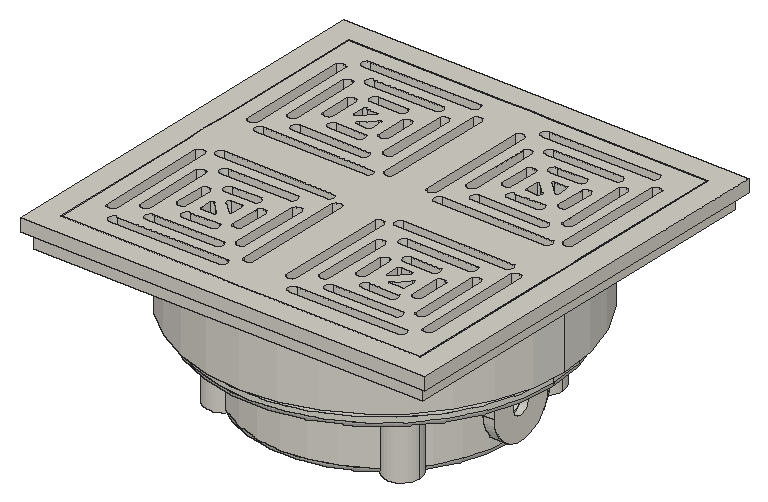
Revit family "Drain_Floor_Top_Square_10-Inch_Zurn-FD2283", category Plumbing Fixtures, Revit 2022 (continued)
Definition of nested family "Grate"
  Automatic sketch dimensions
    Extrusion 5 sketch curve to plane 98 = 0.000"
    plane 108 to Extrusion 5 sketch curve = 0.125"
    Extrusion 5 sketch curve to plane 101 = 0.02954"  (x2)
    Extrusion 5 sketch curve to Extrusion 5 sketch curve = 0.125"  (x11)
    Extrusion 5 sketch curve to plane 92 = 0.104"
    Extrusion 5 sketch curve to plane 97 = 0.03655"  (x3)
    plane 109 to Extrusion 5 sketch curve = 0.125"  (x2)
    Extrusion 5 sketch curve to plane 99 = 0.104"
    Extrusion 5 sketch curve to plane 101 = 0.00001"
    Extrusion 5 sketch curve to plane 110 = 0.05232"  (x4)
    Extrusion 5 sketch curve to plane 102 = 0.00001"
    Extrusion 5 sketch curve to plane 110 = 0.01577"  (x2)
    plane 110 to Extrusion 5 sketch curve = 0.125"  (x2)
    Extrusion 5 sketch curve to plane 106 = 0.104"
    Extrusion 5 sketch curve to plane 104 = 0.00001"
    Extrusion 5 sketch curve to plane 114 = 0.05232"  (x4)
    Extrusion 5 sketch curve to plane 105 = 0.00001"
    Extrusion 5 sketch curve to plane 114 = 0.01577"  (x2)
    plane 114 to Extrusion 5 sketch curve = 0.05538"
    Extrusion 5 sketch curve to plane 111 = 0.01591"
    plane 114 to Extrusion 5 sketch curve = 0.05817"
    Extrusion 5 sketch curve to plane 103 = 0.05856"
    Extrusion 5 sketch curve to plane 103 = 0.03182"
    Extrusion 5 sketch curve to plane 103 = 0.01591"
    plane 103 to Extrusion 5 sketch curve = 0.01591"
    plane 103 to Extrusion 5 sketch curve = 0.05856"  (x2)
    plane 111 to Extrusion 5 sketch curve = 0.05856"  (x2)
    Extrusion 5 sketch curve to plane 107 = 0.22752"
    Extrusion 5 sketch curve to Extrusion 5 sketch curve = 0.00976"
    plane 111 to Extrusion 5 sketch curve = 0.01591"
    Extrusion 5 sketch curve to plane 107 = 0.13023"  (x2)
    Extrusion 5 sketch curve to plane 107 = 0.09368"  (x4)
    plane 107 to Extrusion 5 sketch curve = 0.104"
    Extrusion 5 sketch curve to plane 100 = 0.13023"  (x2)
    Extrusion 5 sketch curve to plane 100 = 0.09368"  (x4)
    plane 100 to Extrusion 5 sketch curve = 0.104"
    plane 104 to Extrusion 5 sketch curve = 0.07282"  (x2)
    Extrusion 5 sketch curve to plane 98 = 0.01577"
    plane 98 to Extrusion 5 sketch curve = 0.03655"  (x3)
    plane 101 to Extrusion 5 sketch curve = 0.00701"  (x3)
    plane 94 to Extrusion 5 sketch curve = 0.104"
    Extrusion 5 sketch curve to plane 111 = 0.3307"  (x2)
    Extrusion 5 sketch curve to Extrusion 5 sketch curve = 0.03655"  (x8)
    Extrusion 5 sketch curve to Extrusion 5 sketch curve = 0.15839"
    Extrusion 5 sketch curve to Extrusion 5 sketch curve = 0.44568"  (x2)
    Extrusion 5 sketch curve to Extrusion 5 sketch curve = 0.17616"
    Extrusion 5 sketch curve to Extrusion 5 sketch curve = 0.56583"  (x2)
    Extrusion 5 sketch curve to Extrusion 5 sketch curve = 0.07379"
    Extrusion 5 sketch curve to Extrusion 5 sketch curve = 0.066"
    Extrusion 5 sketch curve to plane 105 = 0.19494"  (x2)
    plane 104 to Extrusion 5 sketch curve = 0.10938"  (x2)
Types (4): name | Pipe Size A (Nominal Radius) | Pipe Size A (Inner Radius) | Pipe Size A (Actual Radius) | Body Height (E)
  (no name) | 1.000" | 1.0335" | 1.188" | 2.969"
  FD2283-PV2-2 Inch Outlet | 1.000" | 1.0335" | 1.188" | 2.969"
  FD2283-PV3-3 Inch Outlet | 1.500" | 1.534" | 1.750" | 3.688"
  FD2283-PV4-4 Inch Outlet | 2.000" | 2.013" | 2.250" | 3.813"
